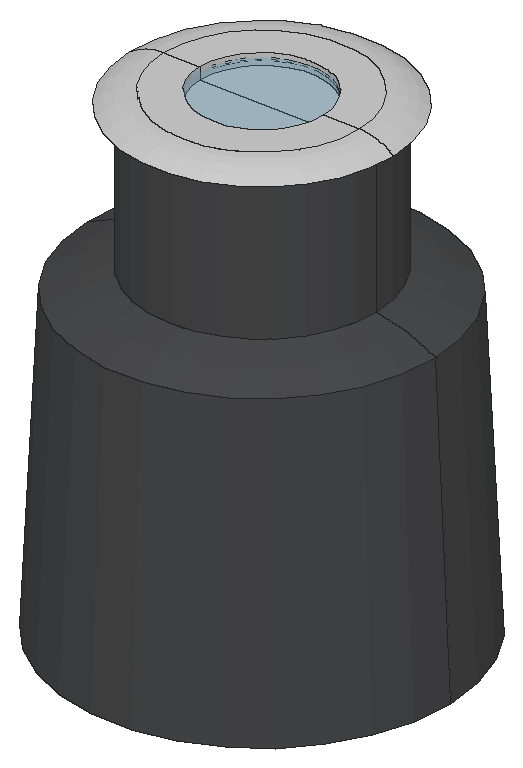
Revit family "INGROUND 2W SIMETRICA_LKB0116WW.30", category Luminarias, Revit 2019
Family settings
  Cota de conector redondo = Diámetro de uso
  Tipo de pieza = Normal
  Se basa en plano de trabajo = Sí
  Siempre vertical = No
  Corte con vacíos al cargar = No
  Origen de luz = Sí
  Compartido = No
  Punto de cálculo de habitación = No
Parameters (values of type "EMP_LKB0116WW.30")
  Ángulo de inclinación = 30.00°
  Ángulo de enfoque = 30.00°
  Ángulo de campo de foco = 30.00°
  Zone [instance] = ""
  Watt per fixture = 3
  Wattage = 3 W
  built-in parameter 1150107 = 3000 (stored number, unit not read)
  built-in parameter 1150110 = 1 (stored number, unit not read)
  built-in parameter 1150109 = 1 (stored number, unit not read)
  built-in parameter 1150112 = 1 (stored number, unit not read)
  built-in parameter 1150113 = 1 (stored number, unit not read)
  built-in parameter 1114218 = 1 (stored number, unit not read)
  Keynote = ""
  built-in parameter 1150137 = (empty or 0)
  built-in parameter 1150132 = (empty or 0)
  Modelo = "LKB0116WW.30"
  Lámpara = "OSRAM"
  Longitud de símbolo de origen de luz = 500 mm
  built-in parameter 1150105 = 923.98 (stored number, unit not read)
  built-in parameter 1150102 = (empty or 0)
  built-in parameter 1150106 = 9.2398 (stored number, unit not read)
  Lumens = 142.98 lm
  Color Filter = 16777215
  built-in parameter 1114217 = 1 (stored number, unit not read)
  built-in parameter 1150139 = (empty or 0)
  Fabricante = "BRILLANT"
  Default Elevation = 0 mm
  built-in parameter 1150104 = 4.4278 (stored number, unit not read)
  Descripción = "LUMINARIA TIPO CIRCULAR PARA EMPOTRAR EN PISO CON CUERPO DE ALUMINIO FUNDIDO A PRESION CUBIERTO CON POLVO GRIS OSCURO, CON CUBIERTA DE ACERO INOXIDABLE Y VIDRIO TEMPLADO DE 7MM, HOUSING TIPO ABS DE 48MM DE DIAMETRO Y 98MM DE PROFUNDO. CUENTA CON 1 LED OSRAM CON UNA POTENCIA TOTAL DE 3W, A UNA TEMPERATURA EN BLANCO CALIDO DE 3000K CON 143 LUMENES, 47mA EN CORRIENTE DE OPERACIÓN, IP67, IK08, IRC 80, DISPONIBLE PARA ATENUAR EN TRIAC (OPCIONAL), APERTURA EN 30 GRADOS EN STOCK, ALIMENTADA A 100-240V"
  built-in parameter 1150115 = 1 (stored number, unit not read)
  built-in parameter 1150114 = 1 (stored number, unit not read)
  Comentarios de vataje = "100-240V"
  built-in parameter 1150138 = (empty or 0)
  built-in parameter 1150134 = (empty or 0)
  Circuit [instance] = ""
  Dimming Lamp Color Temperature Shift = (empty or 0)
  built-in parameter 1150133 = 10 (stored number, unit not read)
Types (2, lengths in mm): name | Wattage | built-in parameter 1150132 | Modelo | Lámpara | Longitud de símbolo de origen de luz | built-in parameter 1150105 | built-in parameter 1150106 | Lumens | built-in parameter 1150104 | Descripción | Comentarios de vataje
  SUB_LKSC01WW.30 | 0.774192 W | 2 | "LKSC01WW.30" | "Osram" | 3048 | 384.51 (stored number, unit not read) | 3.8451 (stored number, unit not read) | 115 lm | 13.8 (stored number, unit not read) | "LUMINARIA SUB ACUATICA TIPO PUNTUAL PARA EMPOTRAR EN PISO 68.5MM DE DIAMETRO POR 135MM DE ALTO CONSIDERANDO EL HOUSING, ACABADO EN ACERO INOXIDABLE, CUERPO MOLDEADO EN CROMO, SELLO DE SILICON, VIDRIO TEMPLADO DE 7MM, 1 LED TIPO OSRAM CON UN CONSUMO TOTAL DE 3 W, 115 LUMENES, CON UNA TEMPERATURA EN BLANCO CALIDO 3000K , IP 68, IK 08, SUMERGIBLE MAXIMO 2M, CABLE H07RN DE 3M, APERTURA EN STOCK A 30 GRADOS, ALIMENTADA A 24V. REQUIERE ACCESORIOS." | "24"
  EMP_LKB0116WW.30 | 3 W | (empty or 0) | "LKB0116WW.30" | "OSRAM" | 500 | 923.98 (stored number, unit not read) | 9.2398 (stored number, unit not read) | 142.98 lm | 4.4278 (stored number, unit not read) | "LUMINARIA TIPO CIRCULAR PARA EMPOTRAR EN PISO CON CUERPO DE ALUMINIO FUNDIDO A PRESION CUBIERTO CON POLVO GRIS OSCURO, CON CUBIERTA DE ACERO INOXIDABLE Y VIDRIO TEMPLADO DE 7MM, HOUSING TIPO ABS DE 48MM DE DIAMETRO Y 98MM DE PROFUNDO. CUENTA CON 1 LED OSRAM CON UNA POTENCIA TOTAL DE 3W, A UNA TEMPERATURA EN BLANCO CALIDO DE 3000K CON 143 LUMENES, 47mA EN CORRIENTE DE OPERACIÓN, IP67, IK08, IRC 80, DISPONIBLE PARA ATENUAR EN TRIAC (OPCIONAL), APERTURA EN 30 GRADOS EN STOCK, ALIMENTADA A 100-240V" | "100-240V"
Reference planes
  plane 1 "Centro (Frontal/Posterior)": y = 0
  plane 2: z = 0
  plane 3 "Centro (Izquierda/Derecha)": x = 0
  plane 4: z = -98
  plane 5: x = -653.678
  plane 6: x = 600
  plane 7: z = -77
  plane 8: z = -80
  plane 9: z = -35
Forms (mm)
  Revolve 1, solid, material "Acero Inoxidable"
    sketch origin (0, 0, 0) x (1, 0, 0) y (0, 0, 1)
      loop
        line (-12.813, 2.379) -> (-20.307, 2.379)
        arc (-20.307, 2.379) -> (-24.095, 1.769) -> (-27.5, 0) r 12.065
        line (-27.5, 0) -> (-15.59, 0) -> (-15.59, -8.098)
        arc (-15.59, -8.098) -> (-14.091, -9.597) -> (-15.59, -11.095) r 1.499
        line (-15.59, -11.095) -> (-15.59, -19.348)
        arc (-15.59, -19.348) -> (-14.091, -20.847) -> (-15.59, -22.345) r 1.499
        line (-15.59, -22.345) -> (-15.59, -24.348)
        arc (-15.59, -24.348) -> (-14.091, -25.847) -> (-15.59, -27.345) r 1.499
        line (-15.59, -27.345) -> (-15.59, -80.004) -> (0, -80.004) -> (0, 0) -> (-12.813, 0) -> (-12.813, 2.379)
      axis (0, 2.379) -> (0, -80.004)
    angle from 0 to 360
  Extrusion 2, solid, material "Cristal"
    sketch origin (0, 0, 0) x (1, 0, 0) y (0, 1, 0)
      loop
        circle (0, 0) r 12.813
    from 0.921 to 1.499
  Extrusion 3, solid, material "Plastico"
    sketch origin (0, 0, 0) x (1, 0, 0) y (0, 1, 0)
      loop
        circle (0, 0) r 5
    from -82.702 to -80.004
  Revolve 4, solid, material "Plastico"
    sketch origin (0, 0, 0) x (1, 0, 0) y (0, 0, 1)
      loop
        line (-20.611, -0.047) -> (-24, -0.047) -> (-24, -30.282)
        arc (-24, -30.282) -> (-30.248, -32.029) -> (-36.19, -34.633) r 46.304
        line (-36.19, -34.633) -> (-39.253, -98) -> (0, -98) -> (0, -95.6) -> (-29.843, -95.6) -> (-29.843, -39.979)
        arc (-29.843, -39.979) -> (-25.307, -38.266) -> (-20.611, -37.064) r 43.904
        line (-20.611, -37.064) -> (-20.611, -0.047)
      axis (0, -0.047) -> (0, -98)
    angle from 0 to 360
Dimensions and locks
  plane 2 to plane 4 = 98 mm
  level to plane 4 = 98 mm
  level to plane 7 = 77 mm
  plane 2 to plane 8 = 80 mm
  level to plane 9 = 35 mm
  plane 3 "Centro (Izquierda/Derecha)" to Revolve 4 sketch curve = 24 mm
  plane 3 "Centro (Izquierda/Derecha)" to Revolve 1 sketch curve = 27.5 mm
  aligned and locked: level to plane 2
Connectors
  electrical at (0, 0, -98)
    settings: on Revolve 4, index 1, voltage 240 V, apparent load 0 VA, apparent load phase1 0 VA, apparent load phase2 0 VA, apparent load phase3 0 VA, power factor 1, load classification "Otro", number of poles 1, system type 31, power factor state 1, is connector primary yes, connector utility no, sub classification motor no, connector description ""
